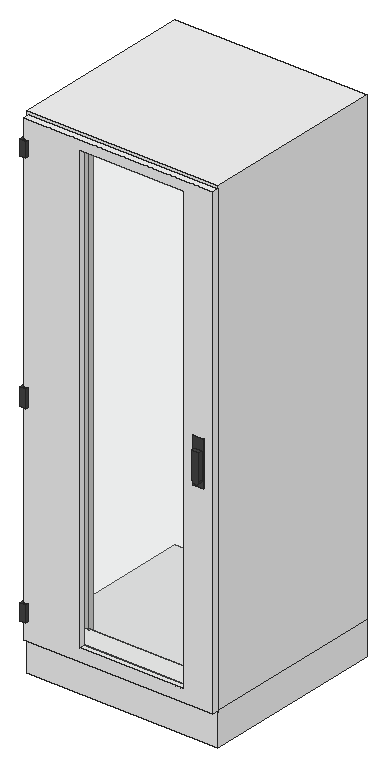
Revit family "Storage_Rack-Honeywell-Cabinet_Housing-584910(11)(13)", category Furniture, host Face, Revit 2017
Family settings
  Host = Face
  OmniClass Number = 23.40.20.27.17
  OmniClass Title = Racking
  Cut with Voids When Loaded = No
  Shared = No
  Room Calculation Point = No
Parameters (values of type "Cabinet 42 HU - 584911")
  Width = if(Constraints = 3, 600 mm, 800 mm)  # 800 mm
  Weight = if(Constraints = 1, 149.999 kgf, if(Constraints = 2, 120.00 kgf, 28.9999 kgf))  # 149.999 kgf
  Version = "2017 - v1.0a"  # constant formula
  Manufacturer Phone Number = "02131/40615-600"  # constant formula
  Manufacturer Fax Number = "02131/40615-606"  # constant formula
  Manufacturer Email = "mailto:info@esser-systems.com"
  Manufacturer Address = "Dieselstr. 2 41469 Neuss Germany"  # constant formula
  Hide Door (Device Installation) [instance] = no
  Finish = Metal - Honeywell - Stainless Steel - White
  URL = "www.esser-systems.com"
  Support Phone = "(224) 699-9545"  # constant formula
  Support Email = "mailto:support@anguleris.com"
  Product Page URL = "https://www.esser-systems.com/en/products/details/19-rack/variodyn-d1-cabinet-system-without-hinged-frame/584911-upright-cabinet-without-hinged-frame-42-hu/"
  Product Name = if(Constraints = 3, "Rack Housing", "Upright Cabinet")  # "Upright Cabinet"
  Product Documentation Link = "https://www.esser-systems.com/en/products/details/19-rack/variodyn-d1-cabinet-system-without-hinged-frame/584911-upright-cabinet-without-hinged-frame-42-hu/download/productdatasheet/3000463"
  Model = if(Constraints = 1, "584911", if(Constraints = 2, "584910", "584913"))  # "584911"
  Material = ""
  Manufacturer = "Honeywell International"  # constant formula
  Keynote = ""
  Height = if(Constraints = 1, 2100 mm, if(Constraints = 2, 1400 mm, 610 mm))  # 2100 mm
  Description = if(Constraints = 1, "Upright cabinet without hinged frame 42 HU", if(Constraints = 2, "Upright cabinet without hinged frame 42 HU", "19“- housing for VARIODYN D1 Comprio"))  # "Upright cabinet without hinged frame 42 HU"
  Depth = if(Constraints = 3, 600 mm, 800 mm)  # 800 mm
  Default Elevation = 0 mm
  Upright = not(VARIODYN)  # yes
  VARIODYN = if(Constraints = 3, 1 = 1, 1 = 0)  # no
  Copyright = "© Copyright 2005-2019 Honeywell International Inc. All rights reserved."  # constant formula
  Constraints = 1
  C Show Door [instance] = not([Hide Door (Device Installation)])  # yes
  C Hide Door [instance] = if(and(C Show Door, Upright), 1 = 1, 1 = 0)  # yes
  C Door = if(Constraints = 3, 10 mm, 139 mm)  # 139 mm
  Assembly Code = ""
Types (3, lengths in mm): name | Width | Weight | Hide Door (Device Installation) | Product Page URL | Product Name | Product Documentation Link | Model | Height | Description | Depth | Upright | VARIODYN | Constraints | C Show Door | C Hide Door | C Door
  Cabinet 42 HU - 584911 | 800 | 149.999 kgf | no | "https://www.esser-systems.com/en/products/details/19-rack/variodyn-d1-cabinet-system-without-hinged-frame/584911-upright-cabinet-without-hinged-frame-42-hu/" | "Upright Cabinet" | "https://www.esser-systems.com/en/products/details/19-rack/variodyn-d1-cabinet-system-without-hinged-frame/584911-upright-cabinet-without-hinged-frame-42-hu/download/productdatasheet/3000463" | "584911" | 2100 | "Upright cabinet without hinged frame 42 HU" | 800 | yes | no | 1 | yes | yes | 139
  Cabinet 26 HU - 584910 | 800 | 120.00 kgf | yes | "https://www.esser-systems.com/en/products/details/19-rack/variodyn-d1-cabinet-system-without-hinged-frame/584910-upright-cabinet-without-hinged-frame-26-hu/" | "Upright Cabinet" | "https://www.esser-systems.com/en/products/details/19-rack/variodyn-d1-cabinet-system-without-hinged-frame/584910-upright-cabinet-without-hinged-frame-26-hu/download/productdatasheet/3000732" | "584910" | 1400 | "Upright cabinet without hinged frame 42 HU" | 800 | yes | no | 2 | no | no | 139
  Housing 19" - 584913 | 600 | 28.9999 kgf | no | "https://www.esser-systems.com/en/products/details/variodyn-d1/variodyn-d1-comprio/584913-19-housing-for-variodyn-d1-comprio-1/" | "Rack Housing" | "https://www.esser-systems.com/en/products/details/variodyn-d1/variodyn-d1-comprio/584913-19-housing-for-variodyn-d1-comprio-1/download/productdatasheet/3000581" | "584913" | 610 | "19“- housing for VARIODYN D1 Comprio" | 600 | no | yes | 3 | yes | no | 10
Reference planes
  plane 1 "Center (Front/Back)": y = 317.025
  plane 2: z = 0
  plane 3 "Center (Left/Right)": x = 0
  plane 4: x = -400
  plane 5: x = 400
  plane 6 "rear": y = 717.025
  plane 7: y = -82.975
  plane 8 "Back": z = 2100
  plane 9: z = 1050
  plane 10: y = -57.975
  plane 11: x = -232.5
  plane 12: x = 232.5
  plane 13 "Device Installation": y = 32.025
Forms (mm)
  Extrusion 1, solid, material "Metal - Honeywell - Stainless Steel - White" <- "Finish"
    sketch origin (0, 0, 0) x (1, 0, 0) y (0, 1, 0)
      loop
        line (-400, 717.025) -> (-400, -57.975) -> (400, -57.975) -> (400, 717.025) -> (-400, 717.025)
    from 0 to 2100
  Extrusion 2, solid, material "Metal - Honeywell - Stainless Steel - White", visible <- "C Show Door"
    sketch origin (0, 317.025, 0) x (1, 0, 0) y (0, 0, 1)
      loop
        line (-388.75, 2090) -> (-388.75, 139) -> (400, 139) -> (400, 2090) -> (-388.75, 2090)
      loop
        line (-158.75, 2050) -> (-158.75, 189) -> (275, 189) -> (275, 2050) -> (-158.75, 2050)
    from 375 to 400
  Extrusion 3, solid, material "Glass - Honeywell - Tempered", visible <- "C Show Door"
    sketch origin (0, 317.025, 0) x (1, 0, 0) y (0, 0, 1)
      loop
        line (-158.75, 189) -> (275, 189) -> (275, 2050) -> (-158.75, 2050) -> (-158.75, 189)
    from 375 to 400
  Extrusion 4, solid, material "Metal - Honeywell - Stainless Steel - Black", visible <- "C Show Door"
    sketch origin (0, 317.025, 0) x (1, 0, 0) y (0, 0, 1)
      loop
        line (317.478, 1151.454) -> (317.478, 966.454) -> (362.478, 966.454) -> (362.478, 1151.454) -> (317.478, 1151.454)
    from 402.909 to 400
  Extrusion 5, solid, material "Metal - Honeywell - Stainless Steel - Black", visible <- "C Show Door"
    sketch origin (0, 317.025, 0) x (1, 0, 0) y (0, 0, 1)
      loop
        line (325.566, 1107.358) -> (325.566, 997.358)
        arc (325.566, 997.358) -> (340.566, 982.358) -> (355.566, 997.358) r 15
        line (355.566, 997.358) -> (355.566, 1107.358) -> (325.566, 1107.358)
    from 400 to 417.962
  Extrusion 6, solid, material "Metal - Honeywell - Stainless Steel - Black", visible <- "C Hide Door"
    sketch origin (0, 0, 0) x (1, 0, 0) y (0, 1, 0)
      loop
        line (-400, -66.405) -> (-400, -91.405) -> (-375, -91.405) -> (-375, -82.975) -> (-388.75, -82.975) -> (-388.75, -66.405) -> (-400, -66.405)
    from 209.61 to 277.241
  Extrusion 7, solid, material "Metal - Honeywell - Stainless Steel - Black", visible <- "C Hide Door"
    sketch origin (-11.25, 0, 0) x (1, 0, 0) y (0, 1, 0)
      loop
        line (-388.75, -66.405) -> (-388.75, -91.405) -> (-363.75, -91.405) -> (-363.75, -82.975) -> (-377.5, -82.975) -> (-377.5, -66.405) -> (-388.75, -66.405)
    from 1011.243 to 1083.935
  Extrusion 8, solid, material "Metal - Honeywell - Stainless Steel - Black", visible <- "C Hide Door"
    sketch origin (-11.25, 0, 565) x (1, 0, 0) y (0, 1, 0)
      loop
        line (-388.75, -66.405) -> (-388.75, -91.405) -> (-363.75, -91.405) -> (-363.75, -82.975) -> (-377.5, -82.975) -> (-377.5, -66.405) -> (-388.75, -66.405)
    from 1382.608 to 1444.215
  Extrusion 9, void
    sketch origin (0, 0, 0) x (1, 0, 0) y (0, 1, 0)
      loop
        line (-350, -123.456) -> (350, -123.456) -> (350, 32.025) -> (-350, 32.025) -> (-350, -123.456)
    from 189 to 2050
  Extrusion 10, solid, material "Metal - Honeywell - Stainless Steel - White" <- "Finish"
    sketch origin (0, 32.025, 0) x (1, 0, 0) y (0, 0, 1)
      loop
        line (-400, 0) -> (400, 0) -> (400, 139) -> (-400, 139) -> (-400, 0)
    from -685 to 90
  Extrusion 11, solid, material "Metal - Honeywell - Stainless Steel"
    sketch origin (0, 0, 0) x (1, 0, 0) y (0, 1, 0)
      loop
        line (-249.793, 32.025) -> (-209.793, 32.025) -> (-209.793, 52.025) -> (-249.793, 52.025) -> (-249.793, 32.025)
      loop
        line (249.793, 32.025) -> (249.793, 52.025) -> (209.793, 52.025) -> (209.793, 32.025) -> (249.793, 32.025)
      loop
        line (-249.793, 680.185) -> (-249.793, 660.185) -> (-209.793, 660.185) -> (-209.793, 680.185) -> (-249.793, 680.185)
      loop
        line (249.793, 680.185) -> (209.793, 680.185) -> (209.793, 660.185) -> (249.793, 660.185) -> (249.793, 680.185)
    from 139 to 2050
Cuts and joins
  Extrusion 9 cuts Extrusion 1
Lines and regions (mm)
  Split face 1
    outline origin (0, -100.937, 0) x (1, 0, 0) y (0, 0, 1)
      loop
        circle (340.103, 1005.702) r 12.473
  Split face 2
    outline origin (400, 717.025, 0) x (0, -1, 0) y (0, 0, -1)
      loop
        line (721.425, -1990) -> (721.425, -168.933) -> (61.425, -168.933) -> (61.425, -1990) -> (721.425, -1990)
  Split face 3
    outline origin (-400, -57.975, 0) x (0, 1, 0) y (0, 0, -1)
      loop
        line (713.575, -1990) -> (713.575, -168.933) -> (87.298, -168.933) -> (87.298, -1990) -> (713.575, -1990)
  model lines
    curve 1: line (-209.793, 32.025, 2050) -> (-209.793, 32.025, 189)
    curve 2: line (-249.793, 32.025, 2050) -> (-249.793, 32.025, 189)
    curve 3: line (209.793, 32.025, 2050) -> (209.793, 32.025, 189)
    curve 4: line (249.793, 32.025, 2050) -> (249.793, 32.025, 189)
    curve 5: line (-239.793, 32.025, 2050) -> (-239.793, 32.025, 189)
    curve 6: line (-219.793, 32.025, 2050) -> (-219.793, 32.025, 189)
    curve 7: line (239.793, 32.025, 2050) -> (239.793, 32.025, 189)
    curve 8: line (219.793, 32.025, 2050) -> (219.793, 32.025, 189)
Dimensions and locks
  "Depth": plane 7 to plane 6 "rear"
  equal spacing: plane 4, plane 3 "Center (Left/Right)", plane 5
  "Width": plane 4 to plane 5
  equal spacing: plane 7, plane 1 "Center (Front/Back)", plane 6 "rear"
  "Height": plane 8 "Back" to level
  locked: host sketch curve to plane 3 "Center (Left/Right)" at 1219.2  (x12)
  locked: host sketch curve to plane 1 "Center (Front/Back)" at 1536.225  (x6)
  locked: host sketch curve to plane 1 "Center (Front/Back)" at 902.175  (x6)
  "C Door": Extrusion 2 sketch curve to level
  locked: plane 5 to Extrusion 2 sketch curve at 125
  locked: Extrusion 2 sketch curve to Extrusion 2 sketch curve at 50
  locked: plane 8 "Back" to Extrusion 2 sketch curve at 50
  locked: plane 5 to Extrusion 2 sketch curve at 558.75
  equal spacing: plane 8 "Back", plane 9, level
  Extrusion 5 to Extrusion 4 to plane 7 = 15.053 mm locked, 2.909 mm locked
  plane 5 to Extrusion 4 sketch curve to Extrusion 4 sketch curve = 37.522 mm locked, 45 mm locked
  Extrusion 4 sketch curve to plane 9 to Extrusion 4 sketch curve = 101.454 mm locked, 83.546 mm locked
  plane 5 to Extrusion 5 sketch curve to Extrusion 5 sketch curve = 44.434 mm locked, 30 mm locked
  Extrusion 5 sketch curve to plane 9 to Extrusion 5 sketch curve = 57.358 mm locked, 67.642 mm locked
  locked: Extrusion 2 sketch curve to plane 4 at 11.25
  locked: plane 8 "Back" to Extrusion 2 sketch curve at 10
  plane 4 to Extrusion 6 sketch curve to Extrusion 6 sketch curve to Extrusion 6 sketch curve = 0 mm locked, 11.25 mm locked, 13.75 mm locked
  Extrusion 6 sketch curve to plane 7 to Extrusion 6 sketch curve to Extrusion 6 sketch curve = 8.431 mm locked, 0 mm locked, 16.569 mm locked
  Extrusion 7 sketch curve to plane 4 to Extrusion 7 sketch curve to Extrusion 7 sketch curve = 0 mm locked, 11.25 mm locked, 13.75 mm locked
  Extrusion 7 sketch curve to Extrusion 7 sketch curve to plane 7 to Extrusion 7 sketch curve = 8.431 mm locked, 0 mm locked, 16.569 mm locked
  Extrusion 8 sketch curve to plane 4 to Extrusion 8 sketch curve to Extrusion 8 sketch curve = 0 mm locked, 11.25 mm locked, 13.75 mm locked
  Extrusion 8 sketch curve to Extrusion 8 sketch curve to plane 7 to Extrusion 8 sketch curve = 8.431 mm locked, 0 mm locked, 16.569 mm locked
  plane 8 "Back" to Extrusion 8 to Extrusion 8 = 90.785 mm locked, 61.606 mm locked
  Extrusion 6 to Extrusion 6 to level = 67.631 mm locked, 209.61 mm locked
  Extrusion 7 to plane 9 to Extrusion 7 = 33.935 mm locked, 38.757 mm locked
  locked: plane 8 "Back" to Split face 2 sketch curve at 110
  locked: Split face 2 sketch curve to level at 168.933
  locked: plane 6 "rear" to Split face 2 sketch curve at 61.425
  locked: Split face 2 sketch curve to plane 7 at 78.575
  locked: plane 10 to plane 7 at 25
  locked: plane 3 "Center (Left/Right)" to plane 11 at 232.5
  locked: plane 12 to plane 3 "Center (Left/Right)" at 232.5
  Extrusion 9 sketch curve to plane 10 to Extrusion 9 sketch curve = 65.482 mm locked, 90 mm locked
  locked: Extrusion 9 sketch curve to plane 5 at 50
  locked: plane 4 to Extrusion 9 sketch curve at 50
  locked: plane 10 to plane 13 "Device Installation" at 90
  curve 3 to curve 8 to plane 12 to curve 7 to curve 4 = 10 mm locked, 12.707 mm locked, 7.293 mm locked, 10 mm locked
  curve 2 to curve 5 to plane 11 to curve 6 to curve 1 = 10 mm locked, 7.293 mm locked, 12.707 mm locked, 10 mm locked
  "C Door": Extrusion 10 sketch curve to plane 2
  Extrusion 11 sketch curve to Extrusion 11 sketch curve to plane 11 to Extrusion 11 sketch curve to Extrusion 11 sketch curve = 0 mm locked, 17.293 mm locked, 22.707 mm locked, 0 mm locked
  Extrusion 11 sketch curve to Extrusion 11 sketch curve to plane 12 to Extrusion 11 sketch curve to Extrusion 11 sketch curve = 0 mm locked, 22.707 mm locked, 17.293 mm locked, 0 mm locked
  plane 13 "Device Installation" to Extrusion 11 sketch curve to Extrusion 11 sketch curve to Extrusion 11 sketch curve to Extrusion 11 sketch curve = 0 mm locked, 0 mm locked, 20 mm locked, 0 mm locked
  Extrusion 11 sketch curve to Extrusion 11 sketch curve to Extrusion 11 sketch curve to Extrusion 11 sketch curve to plane 6 "rear" = 0 mm locked, 20 mm locked, 0 mm locked, 36.841 mm locked
  aligned and locked: plane 2 to host face
  aligned and locked: plane 4 to Extrusion 1 sketch curve
  aligned and locked: plane 6 "rear" to Extrusion 1 sketch curve
  aligned and locked: Extrusion 1 sketch curve to plane 5
  aligned and locked: plane 8 "Back" to Extrusion 1
  aligned and locked: Extrusion 1 to level
  aligned and locked: Extrusion 2 sketch curve to plane 5
  aligned and locked: Extrusion 2 to Extrusion 3 sketch curve
  aligned and locked: Extrusion 3 sketch curve to Extrusion 2  (x2)
  aligned and locked: Extrusion 2 to plane 7
  aligned and locked: plane 7 to Extrusion 3
  aligned and locked: Extrusion 4 to plane 7
  aligned and locked: plane 7 to Extrusion 5
  aligned and locked: Extrusion 1 sketch curve to plane 10
  aligned and locked: Extrusion 3 to Extrusion 2
  aligned and locked: Extrusion 2 to plane 10
  aligned and locked: Extrusion 3 to plane 10
  aligned and locked: Extrusion 3 to Extrusion 9  (x2)
  aligned and locked: Extrusion 10 sketch curve to level
  aligned and locked: Extrusion 10 sketch curve to plane 4
  aligned and locked: plane 5 to Extrusion 10 sketch curve
  aligned and locked: Extrusion 10 to plane 6 "rear"
  aligned and locked: curve 1 to Extrusion 3
  aligned and locked: curve 6 to Extrusion 3
  aligned and locked: curve 5 to Extrusion 3
  aligned and locked: Extrusion 3 to curve 7
  aligned and locked: Extrusion 3 to curve 8
  aligned and locked: Extrusion 3 to curve 3
  aligned and locked: cut or joined group of Extrusion 1, Extrusion 9 to curve 4
  aligned and locked: curve 2 to Extrusion 3
  aligned and locked: Extrusion 3 to Extrusion 11
  aligned and locked: Extrusion 11 to Extrusion 10
Automatic sketch dimensions
  level to Extrusion 3 sketch curve = 189 mm
  Split face 1 sketch curve to Extrusion 5 = 14.537 mm
  Split face 1 sketch curve to Extrusion 5 = 101.656 mm
  Split face 3 sketch curve to Extrusion 1 = 87.298 mm
  Split face 3 sketch curve to Extrusion 1 = 61.425 mm
  Split face 3 sketch curve to Extrusion 1 = 110 mm
  Split face 3 sketch curve to Extrusion 1 = 168.933 mm
  curve 5 to plane 8 "Back" = 50 mm
  curve 6 to curve 5 = 0 mm
  curve 2 to curve 5 = 0 mm
  curve 7 to plane 8 "Back" = 50 mm
  curve 3 to curve 7 = 0 mm
  curve 4 to curve 7 = 0 mm
  curve 8 to curve 3 = 0 mm
  curve 1 to curve 6 = 0 mm
  radius of Split face 1 sketch curve = 12.473 mm
